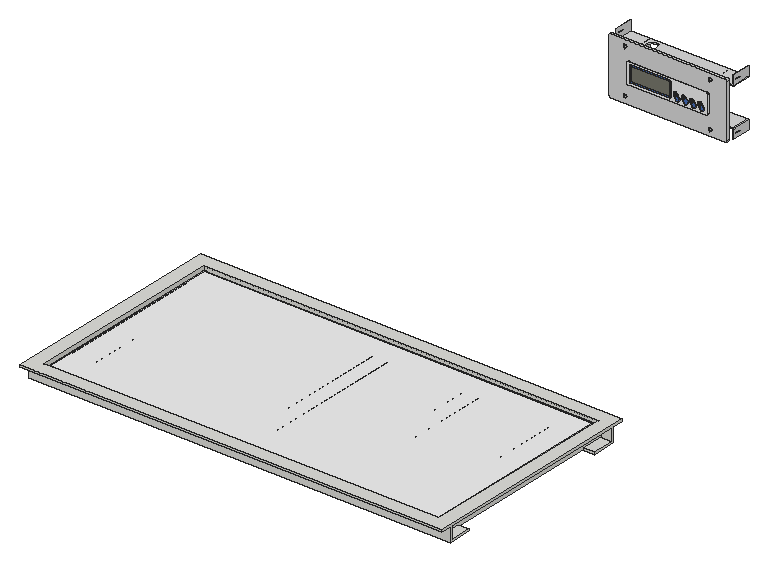
Revit family "Scale-SR_Scales-SRV947IFS", category Specialty Equipment, Revit 2020
Family settings
  Round Connector Dimension = Use Diameter
  Part Type = Normal
  OmniClass Number = 23.40.70.11.14.11
  OmniClass Title = Medical Equipment
  Work Plane-Based = No
  Always vertical = Yes
  Cut with Voids When Loaded = No
  Shared = No
  Room Calculation Point = No
Parameters (values of type "SRV947IFS")
  Zero = "One Button Operation Auto Zero"  # constant formula
  Wall Display Location to Center From Left [instance] = 48"
  Wall Display Height to Center (for IFS) [instance] = 30"
  URL = "http://www.srinstruments.com/"
  Show Recessed Pit Frame = yes
  Show Flush Mounted Wall Display = yes
  Product Brochure Link = "https://srinstruments.com/r/brochures/SRV947IFS.pdf"
  Product Page URL = "https://srinstruments.com/scales/SRV947IFS"
  Power Supply = "Six (6) AA 1.5 Volt Alkaline Batteries"  # constant formula
  Platform Width = 48"
  Platform Size = "\"24'' x 48'' x 2\" (61 cm x 122 cm x 5 cm)\""
  Platform Height Position = if(Show Recessed Pit Frame, 0", 2")  # 0"
  Platform Depth = 24"
  Model = "SRV947IFS"
  Maximum Weight Capacity = "400 lbs or 182 kg"  # constant formula
  Manufacturer Phone Number = "1.800.654.6360"  # constant formula
  Manufacturer Email Contact = "mailto:info-request@srinstruments.com?Subject=Revit Inquiry"
  Manufacturer Address 1 = "600 Young Street"  # constant formula
  Manufacturer Address  2 = "Tonawanda, NY 14150"  # constant formula
  Manufacturer = "SR Scales by SR Instruments, Inc."
  Frame Distance to Wall (For IFS) [instance] = 12"
  Display Type = "1.0'' LCD Display with 5 Active Digits"
  Display Resolution = "0.2 lb / 0.1 kg"  # constant formula
  Description = "24\" x 48\" Portable (or Fixed) Platform Scale with Flush Wall Mounted Display"
  Default Elevation = 0"
  Creator URL = "http://www.revituspro.com/"
  Created By = "Revitus"  # constant formula
  Copyright Notice = "© SR Instruments, Inc.  All Rights Reserved."  # constant formula
  Calibration = "Traceable to NIST Standards"  # constant formula
  BIM Version Available (Earliest) = "2017"  # constant formula
  BIM Version = "v3.1"  # constant formula
  Averaging = "Automatic Digital Filter"  # constant formula
  Auto Power Down = "Approximately 120 Seconds"  # constant formula
  Assembly Code = "E1020810"
  Accuracy = "0.2% +/- 2 Digits of Displayed Resolution"  # constant formula
Reference planes (in)
  plane 1 "Center (Front/Back)": y = 0
  plane 2: z = 0
  plane 3 "Center (Left/Right)": x = 0
  plane 4 "Platform - Left": x = -24
  plane 5 "Platform - Right": x = 24
  plane 6 "Platform - Front": y = -12
  plane 7 "Platform - Back": y = 12
  plane 8 "Frame - Left": x = -25.875
  plane 9 "Frame - Right": x = 25.875
  plane 10 "Frame - Front": y = -13.875
  plane 11 "Frame - Bottom": z = -2
  plane 12 "Platform Pit Frame - Top": z = 0
  plane 13 "Frame Front Rail - Back": y = -9.625
  plane 14: y = -12.25
  plane 15: z = -1.75
  plane 16: y = -12.5
  plane 17 "Frame - Back": y = 13.875
  plane 18: y = 9.625
  plane 19: y = 12.25
  plane 20: y = 12.5
  plane 21 "Platform - Bottom - Recessed": z = -1.25
  plane 22: x = -24.5
  plane 23: x = -24.25
  plane 24: x = -22.625
  plane 25: x = 24.5
  plane 26: x = 24.25
  plane 27: x = 22.625
  plane 28: x = -1
  plane 29: x = 1
  plane 30: x = -12.1875
  plane 31: x = -10.1875
  plane 32: x = 12.1875
  plane 33: x = 10.1875
  plane 34 "Platform - Top - Recessed": z = -0.25
  plane 35: x = -12.0625
  plane 36: x = -10.3125
  plane 37: z = -1.125
  plane 38: x = -0.875
  plane 39: x = 0.875
  plane 40: x = 10.3125
  plane 41: x = 12.0625
  plane 42: x = -20.875
  plane 43: x = -23.875
  plane 44: x = -23.75
  plane 45: x = -21
  plane 46: x = 20.875
  plane 47: x = 23.875
  plane 48: x = 23.75
  plane 49: x = 21
  plane 50: y = -8.875
  plane 51: y = 8.875
  plane 52: y = -9
  plane 53: y = -11.875
  plane 54: y = -11.75
  plane 55: y = 9
  plane 56: y = 11.875
  plane 57: y = 11.75
  plane 58: x = -11.1875
  plane 59: x = 11.1875
  plane 60 "Left Foot Centerline (Left/Right)": x = -22.375
  plane 61 "Right Foot Centerline (Left/Right)": x = 22.375
  plane 62 "Display - Front": y = -5
  plane 63 "Display - Left": x = 21.125
  plane 64 "Display - Right": x = 23.625
  plane 65 "Display - Back": y = 5
  plane 66 "Wall Display Center (Elevation)": z = 30
  plane 67 "Platform - Top": z = -0.25
  plane 68 "Platform - Bottom": z = -1.25
  plane 69: z = -0.375
  plane 70 "Wall Display Center (Left/Right)": x = 22.125
  plane 71 "Back Feet Centerline (Front/Back)": y = 10.375
  plane 72 "Front Feet Centerline (Front/Back)": y = -10.375
  plane 73 "Foot - Bottom": z = -1.75
Forms (in)
  Extrusion 1, solid, material "SR Scales - Frame", visible <- "Show Recessed Pit Frame", detail levels medium+fine
    sketch origin (0, 0, 1.75) x (1, 0, 0) y (0, 0, 1)
      loop
        line (-25.875, -1.75) -> (-25.875, -2) -> (-24.5, -2) -> (-24.5, -3.75) -> (-22.625, -3.75) -> (-22.625, -3.5) -> (-24.25, -3.5) -> (-24.25, -1.75) -> (-25.875, -1.75)
    from -12.25 to 12.25
  Extrusion 2, solid, material "SR Scales - Frame", visible <- "Show Recessed Pit Frame", detail levels medium+fine
    sketch origin (0, 0, 1.75) x (0, 1, 0) y (0, 0, 1)
      loop
        line (-13.875, -2) -> (-12.5, -2) -> (-12.5, -3.75) -> (-9.625, -3.75) -> (-9.625, -3.5) -> (-12.25, -3.5) -> (-12.25, -1.75) -> (-13.875, -1.75) -> (-13.875, -2)
    from -25.875 to 25.875
  Extrusion 3, solid, material "SR Scales - Frame", visible <- "Show Recessed Pit Frame", detail levels medium+fine
    sketch origin (0, -44, 1.75) x (0, -1, 0) y (0, 0, -1)
      loop
        line (-57.875, 2) -> (-57.875, 1.75) -> (-56.25, 1.75) -> (-56.25, 3.5) -> (-53.625, 3.5) -> (-53.625, 3.75) -> (-56.5, 3.75) -> (-56.5, 2) -> (-57.875, 2)
    from -25.875 to 25.875
  Extrusion 4, solid, material "SR Scales - Frame", visible <- "Show Recessed Pit Frame", detail levels medium+fine
    sketch origin (0, 0, 1.75) x (-1, 0, 0) y (0, 0, -1)
      loop
        line (-25.875, 1.75) -> (-24.25, 1.75) -> (-24.25, 3.5) -> (-22.625, 3.5) -> (-22.625, 3.75) -> (-24.5, 3.75) -> (-24.5, 2) -> (-25.875, 2) -> (-25.875, 1.75)
    from -12.25 to 12.25
  Extrusion 5, solid, material "SR Scales - Platform", visible <- "Show Recessed Pit Frame", detail levels coarse
    sketch origin (0, 0, 0) x (1, 0, 0) y (0, 1, 0)
      loop
        line (-25.875, 13.875) -> (-25.875, -13.875) -> (25.875, -13.875) -> (25.875, 13.875) -> (-25.875, 13.875)
    from -2 to 0
  Extrusion 6, solid, material "SR Scales - Platform", detail levels coarse
    sketch origin (0, 0, 2) x (1, 0, 0) y (0, 0, 1)
      loop
        line (-24, -2.25) -> (-24, -3.25) -> (24, -3.25) -> (24, -2.25) -> (-24, -2.25)
    from -12 to 12
  Extrusion 7, solid, material "SR Scales - Frame", detail levels medium+fine
    sketch origin (0, 0, 0) x (1, 0, 0) y (0, 0, 1)
      loop
        line (-12.1875, -0.375) -> (-12.1875, -1.25) -> (-10.1875, -1.25) -> (-10.1875, -0.375) -> (-10.3125, -0.375) -> (-10.3125, -1.125) -> (-12.0625, -1.125) -> (-12.0625, -0.375) -> (-12.1875, -0.375)
      loop
        line (10.1875, -0.375) -> (10.1875, -1.25) -> (12.1875, -1.25) -> (12.1875, -0.375) -> (12.0625, -0.375) -> (12.0625, -1.125) -> (10.3125, -1.125) -> (10.3125, -0.375) -> (10.1875, -0.375)
      loop
        line (-1, -0.375) -> (-1, -1.25) -> (1, -1.25) -> (1, -0.375) -> (0.875, -0.375) -> (0.875, -1.125) -> (-0.875, -1.125) -> (-0.875, -0.375) -> (-1, -0.375)
      loop
        line (-23.875, -1.25) -> (-20.875, -1.25) -> (-20.875, -0.375) -> (-21, -0.375) -> (-21, -1.125) -> (-23.75, -1.125) -> (-23.75, -0.375) -> (-23.875, -0.375) -> (-23.875, -1.25)
      loop
        line (20.875, -0.375) -> (20.875, -1.25) -> (23.875, -1.25) -> (23.875, -0.375) -> (23.75, -0.375) -> (23.75, -1.125) -> (21, -1.125) -> (21, -0.375) -> (20.875, -0.375)
    from -8.875 to 8.875
  Extrusion 8, solid, material "SR Scales - Frame", detail levels medium+fine
    sketch origin (0, 0, 0) x (0, 1, 0) y (0, 0, 1)
      loop
        line (-11.875, -0.375) -> (-11.875, -1.25) -> (-8.875, -1.25) -> (-8.875, -0.375) -> (-9, -0.375) -> (-9, -1.125) -> (-11.75, -1.125) -> (-11.75, -0.375) -> (-11.875, -0.375)
      loop
        line (8.875, -1.25) -> (11.875, -1.25) -> (11.875, -0.375) -> (11.75, -0.375) -> (11.75, -1.125) -> (9, -1.125) -> (9, -0.375) -> (8.875, -0.375) -> (8.875, -1.25)
    from -23.875 to 23.875
  Extrusion 9, solid, material "SR Scales - Platform", detail levels medium+fine
    sketch origin (0, 0, 8) x (1, 0, 0) y (0, 0, 1)
      loop
        line (-23.875, -8.375) -> (23.875, -8.375) -> (23.875, -8.25) -> (-23.875, -8.25) -> (-23.875, -8.375)
    from -11.875 to 11.875
  Sweep 10, solid, material "SR Scales - Platform", detail levels medium+fine
    path origin (0, 0, 0) x (1, 0, 0) y (0, 1, 0)
      loop
        line (-24, 12) -> (-24, -12) -> (24, -12) -> (24, 12) -> (-24, 12)
    profile origin (-24, 0, 0) x (1, 0, 0) y (0, 0, 1)
      loop
        line (0, -0.375) -> (0, -1.25) -> (0.125, -1.25) -> (0.125, -0.25)
        arc (0.125, -0.25) -> (0.03661, -0.28661) -> (0, -0.375) r 0.125
  Revolve 11, solid, material "SR Scales - Foot", detail levels medium+fine
    sketch origin (22.375, 10.375, 0) x (-1, 0, 0) y (0, 0, 1)
      loop
        line (22.75, -1.75) -> (22.9375, -1.65547) -> (22.875, -1.4375) -> (22.78125, -1.4375) -> (22.78125, -1.40625)
        arc (22.78125, -1.40625) -> (22.76294, -1.36206) -> (22.71875, -1.34375) r 0.0625
        line (22.71875, -1.34375) -> (22.5, -1.34375) -> (22.5, -1.09375) -> (22.6875, -1.09375) -> (22.6875, -0.96875) -> (22.5, -0.96875) -> (22.5, -0.84375) -> (22.375, -0.84375) -> (22.375, -1.75) -> (22.75, -1.75)
      axis (22.375, -0.84375) -> (22.375, -1.75)
    angle from 0 to 360
  Revolve 12, solid, material "SR Scales - Foot", detail levels medium+fine
    sketch origin (-22.375, -10.375, 0) x (-1, 0, 0) y (0, 0, 1)
      loop
        line (-22, -1.75) -> (-21.8125, -1.65547) -> (-21.875, -1.4375) -> (-21.96875, -1.4375) -> (-21.96875, -1.40625)
        arc (-21.96875, -1.40625) -> (-21.98706, -1.36206) -> (-22.03125, -1.34375) r 0.0625
        line (-22.03125, -1.34375) -> (-22.25, -1.34375) -> (-22.25, -1.09375) -> (-22.0625, -1.09375) -> (-22.0625, -0.96875) -> (-22.25, -0.96875) -> (-22.25, -0.84375) -> (-22.375, -0.84375) -> (-22.375, -1.75) -> (-22, -1.75)
      axis (-22.375, -0.84375) -> (-22.375, -1.75)
    angle from 0 to 360
  Revolve 13, solid, material "SR Scales - Foot", detail levels medium+fine
    sketch origin (0, 10.375, 0) x (-1, 0, 0) y (0, 0, 1)
      loop
        line (22.75, -1.75) -> (22.9375, -1.65547) -> (22.875, -1.4375) -> (22.78125, -1.4375) -> (22.78125, -1.40625)
        arc (22.78125, -1.40625) -> (22.76294, -1.36206) -> (22.71875, -1.34375) r 0.0625
        line (22.71875, -1.34375) -> (22.5, -1.34375) -> (22.5, -1.09375) -> (22.6875, -1.09375) -> (22.6875, -0.96875) -> (22.5, -0.96875) -> (22.5, -0.84375) -> (22.375, -0.84375) -> (22.375, -1.75) -> (22.75, -1.75)
      axis (22.375, -0.84375) -> (22.375, -1.75)
    angle from 0 to 360
  Revolve 14, solid, material "SR Scales - Foot", detail levels medium+fine
    sketch origin (-44.75, -10.375, 0) x (-1, 0, 0) y (0, 0, 1)
      loop
        line (-22, -1.75) -> (-21.8125, -1.65547) -> (-21.875, -1.4375) -> (-21.96875, -1.4375) -> (-21.96875, -1.40625)
        arc (-21.96875, -1.40625) -> (-21.98706, -1.36206) -> (-22.03125, -1.34375) r 0.0625
        line (-22.03125, -1.34375) -> (-22.25, -1.34375) -> (-22.25, -1.09375) -> (-22.0625, -1.09375) -> (-22.0625, -0.96875) -> (-22.25, -0.96875) -> (-22.25, -0.84375) -> (-22.375, -0.84375) -> (-22.375, -1.75) -> (-22, -1.75)
      axis (-22.375, -0.84375) -> (-22.375, -1.75)
    angle from 0 to 360
  Revolve 15, solid, material "SR Scales - Foot", detail levels medium+fine
    sketch origin (59.75, 10.375, 0) x (-1, 0, 0) y (0, 0, 1)
      loop
        line (37.75, -1.75) -> (37.9375, -1.65547) -> (37.875, -1.4375) -> (37.78125, -1.4375) -> (37.78125, -1.40625)
        arc (37.78125, -1.40625) -> (37.76294, -1.36206) -> (37.71875, -1.34375) r 0.0625
        line (37.71875, -1.34375) -> (37.5, -1.34375) -> (37.5, -1.09375) -> (37.6875, -1.09375) -> (37.6875, -0.96875) -> (37.5, -0.96875) -> (37.5, -0.84375) -> (37.375, -0.84375) -> (37.375, -1.75) -> (37.75, -1.75)
      axis (37.375, -0.84375) -> (37.375, -1.75)
    angle from 0 to 360
  Revolve 16, solid, material "SR Scales - Foot", detail levels medium+fine
    sketch origin (15, -10.375, 0) x (-1, 0, 0) y (0, 0, 1)
      loop
        line (-7, -1.75) -> (-6.8125, -1.65547) -> (-6.875, -1.4375) -> (-6.96875, -1.4375) -> (-6.96875, -1.40625)
        arc (-6.96875, -1.40625) -> (-6.98706, -1.36206) -> (-7.03125, -1.34375) r 0.0625
        line (-7.03125, -1.34375) -> (-7.25, -1.34375) -> (-7.25, -1.09375) -> (-7.0625, -1.09375) -> (-7.0625, -0.96875) -> (-7.25, -0.96875) -> (-7.25, -0.84375) -> (-7.375, -0.84375) -> (-7.375, -1.75) -> (-7, -1.75)
      axis (-7.375, -0.84375) -> (-7.375, -1.75)
    angle from 0 to 360
Cuts and joins
  joined: Extrusion 1, Extrusion 2, Extrusion 3, Extrusion 4
Lines and regions (in)
  model lines, style "Scale - Platform", detail levels coarse
    curve 1: line (-24, 12, -0.25) -> (-24, -12, -0.25)
    curve 2: line (-24, 12, -0.25) -> (24, 12, -0.25)
    curve 3: line (-24, -12, -0.25) -> (24, -12, -0.25)
    curve 4: line (24, 12, -0.25) -> (24, -12, -0.25)
  reference lines
    curve 5: line (25.875, 25.875, 0) -> (-25.875, 25.875, 0)
Dimensions and locks (in)
  equal spacing: plane 4 "Platform - Left", plane 3 "Center (Left/Right)", plane 5 "Platform - Right"
  "Platform Width": plane 4 "Platform - Left" to plane 5 "Platform - Right"
  "Platform Depth": plane 6 "Platform - Front" to plane 7 "Platform - Back"
  plane 24 to plane 4 "Platform - Left" to plane 23 to plane 8 "Frame - Left" = 1 3/8" locked, 1/4" locked, 1 5/8" locked
  plane 10 "Frame - Front" to plane 14 to plane 6 "Platform - Front" to plane 13 "Frame Front Rail - Back" = 1 5/8" locked, 1/4" locked, 2 3/8" locked
  locked: plane 12 "Platform Pit Frame - Top" to plane 11 "Frame - Bottom" at 2
  locked: plane 15 to plane 11 "Frame - Bottom" at 0.25
  locked: plane 16 to plane 14 at 0.25
  plane 17 "Frame - Back" to plane 19 to plane 7 "Platform - Back" to plane 18 = 1 5/8", 1/4", 2 3/8" locked
  locked: plane 20 to plane 19 at 0.25
  plane 4 "Platform - Left" to plane 23 to plane 22 = 1/4", 1/4"
  plane 27 to plane 5 "Platform - Right" to plane 26 to plane 9 "Frame - Right" = 1 3/8" locked, 1/4" locked, 1 5/8" locked
  locked: plane 26 to plane 25 at 0.25
  plane 29 to plane 3 "Center (Left/Right)" to plane 28 = 1" locked, 1" locked
  plane 31 to plane 58 to plane 30 = 1" locked, 1" locked
  plane 33 to plane 59 to plane 32 = 1" locked, 1" locked
  locked: plane 12 "Platform Pit Frame - Top" to plane 34 "Platform - Top - Recessed" at 0.25
  locked: plane 37 to plane 68 "Platform - Bottom" at 0.125
  locked: plane 35 to plane 30 at 0.125
  locked: plane 36 to plane 31 at 0.125
  locked: plane 38 to plane 28 at 0.125
  locked: plane 39 to plane 29 at 0.125
  locked: plane 40 to plane 33 at 0.125
  locked: plane 41 to plane 32 at 0.125
  locked: plane 42 to plane 8 "Frame - Left" at 5
  locked: plane 4 "Platform - Left" to plane 43 at 0.125
  locked: plane 42 to plane 45 at 0.125
  locked: plane 44 to plane 43 at 0.125
  locked: plane 46 to plane 49 at 0.125
  locked: plane 48 to plane 47 at 0.125
  locked: plane 46 to plane 9 "Frame - Right" at 5
  locked: plane 10 "Frame - Front" to plane 50 at 5
  locked: plane 51 to plane 17 "Frame - Back" at 5
  locked: plane 52 to plane 50 at 0.125
  plane 6 "Platform - Front" to plane 53 to plane 54 = 1/8" locked, 1/8" locked
  plane 7 "Platform - Back" to plane 56 to plane 57 = 1/8" locked, 1/8" locked
  locked: plane 51 to plane 55 at 0.125
  equal spacing: plane 7 "Platform - Back", plane 1 "Center (Front/Back)", plane 6 "Platform - Front"
  locked: plane 60 "Left Foot Centerline (Left/Right)" to plane 43 at 1.5
  plane 61 "Right Foot Centerline (Left/Right)" to plane 47 to plane 5 "Platform - Right" = 1 1/2" locked, 1/8" locked
  plane 62 "Display - Front" to plane 1 "Center (Front/Back)" to plane 65 "Display - Back" = 5" locked, 5" locked
  plane 63 "Display - Left" to plane 64 "Display - Right" to plane 47 = 2 1/2" locked, 1/4" locked
  equal spacing: plane 58, plane 3 "Center (Left/Right)", plane 59, plane 61 "Right Foot Centerline (Left/Right)"
  "Frame Distance to Wall (For IFS)": curve 5 to plane 17 "Frame - Back"
  "Wall Display Height to Center (for IFS)": plane 66 "Wall Display Center (Elevation)" to level
  "Platform Height Position": plane 67 "Platform - Top" to plane 34 "Platform - Top - Recessed"
  locked: plane 67 "Platform - Top" to plane 68 "Platform - Bottom" at 1
  locked: plane 67 "Platform - Top" to plane 69 at 0.125
  "Wall Display Location to Center From Left": plane 70 "Wall Display Center (Left/Right)" to plane 8 "Frame - Left"
  equal spacing: plane 56, plane 71 "Back Feet Centerline (Front/Back)", plane 51
  equal spacing: plane 53, plane 72 "Front Feet Centerline (Front/Back)", plane 50
  locked: plane 67 "Platform - Top" to plane 73 "Foot - Bottom" at 1.5
  aligned and locked: level to plane 2
  aligned and locked: Extrusion 2 to plane 9 "Frame - Right"
  aligned and locked: Extrusion 2 to plane 8 "Frame - Left"
  aligned and locked: Extrusion 2 sketch curve to plane 10 "Frame - Front"
  aligned and locked: Extrusion 2 sketch curve to plane 12 "Platform Pit Frame - Top"
  aligned and locked: Extrusion 2 sketch curve to plane 16
  aligned and locked: Extrusion 2 sketch curve to plane 14
  aligned and locked: Extrusion 2 sketch curve to plane 15
  aligned and locked: Extrusion 2 sketch curve to plane 11 "Frame - Bottom"
  aligned and locked: plane 13 "Frame Front Rail - Back" to Extrusion 2 sketch curve
  aligned and locked: plane 17 "Frame - Back" to Extrusion 3 sketch curve
  aligned and locked: Extrusion 3 sketch curve to plane 20
  aligned and locked: Extrusion 3 sketch curve to plane 19
  aligned and locked: plane 18 to Extrusion 3 sketch curve
  aligned and locked: Extrusion 3 to plane 8 "Frame - Left"
  aligned and locked: Extrusion 3 to plane 9 "Frame - Right"
  aligned and locked: Extrusion 1 sketch curve to plane 8 "Frame - Left"
  aligned and locked: Extrusion 1 sketch curve to plane 12 "Platform Pit Frame - Top"
  aligned and locked: Extrusion 1 sketch curve to plane 15
  aligned and locked: Extrusion 1 sketch curve to plane 11 "Frame - Bottom"
  aligned and locked: Extrusion 1 sketch curve to plane 23
  aligned and locked: Extrusion 1 sketch curve to plane 22
  aligned and locked: Extrusion 1 sketch curve to plane 24
  aligned and locked: plane 14 to Extrusion 1
  aligned and locked: plane 19 to Extrusion 1
  aligned and locked: plane 26 to Extrusion 4 sketch curve
  aligned and locked: plane 25 to Extrusion 4 sketch curve
  aligned and locked: plane 27 to Extrusion 4 sketch curve
  aligned and locked: plane 19 to Extrusion 4
  aligned and locked: plane 14 to Extrusion 4
  aligned and locked: plane 9 "Frame - Right" to Extrusion 4 sketch curve
  aligned and locked: plane 12 "Platform Pit Frame - Top" to Extrusion 4 sketch curve
  aligned and locked: plane 11 "Frame - Bottom" to Extrusion 4 sketch curve
  aligned and locked: plane 15 to Extrusion 4 sketch curve
  aligned and locked: Extrusion 5 sketch curve to plane 8 "Frame - Left"
  aligned and locked: plane 17 "Frame - Back" to Extrusion 5 sketch curve
  aligned and locked: plane 9 "Frame - Right" to Extrusion 5 sketch curve
  aligned and locked: Extrusion 5 sketch curve to plane 10 "Frame - Front"
  aligned and locked: curve 1 to plane 4 "Platform - Left"
  aligned and locked: curve 2 to plane 7 "Platform - Back"
  aligned and locked: curve 3 to plane 6 "Platform - Front"
  aligned and locked: plane 5 "Platform - Right" to curve 4
  aligned and locked: plane 34 "Platform - Top - Recessed" to Extrusion 3 sketch curve
  aligned and locked: Extrusion 2 sketch curve to plane 34 "Platform - Top - Recessed"
  aligned and locked: Extrusion 1 sketch curve to plane 34 "Platform - Top - Recessed"
  aligned and locked: plane 34 "Platform - Top - Recessed" to Extrusion 4 sketch curve
  aligned and locked: Extrusion 6 sketch curve to plane 4 "Platform - Left"
  aligned and locked: plane 5 "Platform - Right" to Extrusion 6 sketch curve
  aligned and locked: Extrusion 6 to plane 6 "Platform - Front"
  aligned and locked: plane 7 "Platform - Back" to Extrusion 6
  aligned and locked: Extrusion 7 sketch curve to plane 37  (x3)
  aligned and locked: Extrusion 7 sketch curve to plane 33
  aligned and locked: plane 40 to Extrusion 7 sketch curve
  aligned and locked: plane 41 to Extrusion 7 sketch curve
  aligned and locked: plane 32 to Extrusion 7 sketch curve
  aligned and locked: Extrusion 7 sketch curve to plane 28
  aligned and locked: plane 38 to Extrusion 7 sketch curve
  aligned and locked: plane 29 to Extrusion 7 sketch curve
  aligned and locked: plane 39 to Extrusion 7 sketch curve
  aligned and locked: Extrusion 7 sketch curve to plane 30
  aligned and locked: plane 35 to Extrusion 7 sketch curve
  aligned and locked: plane 36 to Extrusion 7 sketch curve
  aligned and locked: plane 31 to Extrusion 7 sketch curve
  aligned and locked: Extrusion 7 sketch curve to plane 43
  aligned and locked: Extrusion 7 sketch curve to plane 44
  aligned and locked: Extrusion 7 sketch curve to plane 45
  aligned and locked: Extrusion 7 sketch curve to plane 42
  aligned and locked: plane 47 to Extrusion 7 sketch curve
  aligned and locked: plane 48 to Extrusion 7 sketch curve
  aligned and locked: plane 49 to Extrusion 7 sketch curve
  aligned and locked: plane 46 to Extrusion 7 sketch curve
  aligned and locked: Extrusion 8 sketch curve to plane 37
  aligned and locked: Extrusion 8 sketch curve to plane 53
  aligned and locked: Extrusion 8 sketch curve to plane 54
  aligned and locked: Extrusion 8 sketch curve to plane 52
  aligned and locked: Extrusion 8 sketch curve to plane 50
  aligned and locked: plane 51 to Extrusion 8 sketch curve
  aligned and locked: Extrusion 8 sketch curve to plane 55
  aligned and locked: Extrusion 8 sketch curve to plane 56
  aligned and locked: Extrusion 8 sketch curve to plane 57
  aligned and locked: plane 51 to Extrusion 7
  aligned and locked: plane 50 to Extrusion 7
  aligned and locked: Extrusion 8 to plane 47
  aligned and locked: Extrusion 8 to plane 43
  aligned and locked: plane 47 to Extrusion 9 sketch curve
  aligned and locked: Extrusion 9 sketch curve to plane 43
  aligned and locked: Sweep 10 sketch curve to plane 4 "Platform - Left"
  aligned and locked: Sweep 10 sketch curve to plane 43
  aligned and locked: plane 56 to Extrusion 9
  aligned and locked: plane 53 to Extrusion 9
  aligned and locked: plane 8 "Frame - Left" to curve 5
  aligned and locked: curve 5 to plane 9 "Frame - Right"
  aligned and locked: nested 1 to curve 5
  aligned and locked: nested 1 to plane 66 "Wall Display Center (Elevation)"
  aligned and locked: plane 15 to Extrusion 3 sketch curve
  aligned and locked: plane 11 "Frame - Bottom" to Extrusion 3 sketch curve
  aligned and locked: plane 12 "Platform Pit Frame - Top" to Extrusion 5
  aligned and locked: Extrusion 5 to plane 11 "Frame - Bottom"
  aligned and locked: Extrusion 6 sketch curve to plane 68 "Platform - Bottom"
  aligned and locked: Sweep 10 sketch curve to plane 68 "Platform - Bottom"
  aligned and locked: plane 67 "Platform - Top" to Sweep 10 sketch curve
  aligned and locked: Extrusion 9 sketch curve to plane 69
  aligned and locked: Extrusion 9 sketch curve to plane 67 "Platform - Top"
  aligned and locked: Extrusion 6 sketch curve to plane 67 "Platform - Top"
  aligned and locked: plane 70 "Wall Display Center (Left/Right)" to nested 1
  aligned and locked: Extrusion 7 sketch curve to plane 69  (x10)
  aligned and locked: Extrusion 8 sketch curve to plane 69  (x4)
  aligned and locked: Extrusion 8 sketch curve to plane 68 "Platform - Bottom"  (x2)
  aligned and locked: Extrusion 7 sketch curve to plane 68 "Platform - Bottom"  (x5)
  aligned and locked: Revolve 12 sketch curve to plane 3 "Center (Left/Right)"
  aligned and locked: Revolve 11 sketch curve to plane 3 "Center (Left/Right)"
  aligned and locked: plane 61 "Right Foot Centerline (Left/Right)" to Revolve 16 sketch curve
  aligned and locked: plane 61 "Right Foot Centerline (Left/Right)" to Revolve 15 sketch curve
Automatic sketch dimensions
  level to Extrusion 3 sketch curve = 0"
  Extrusion 7 sketch curve to plane 37 = 0"  (x2)
  plane 37 to Extrusion 8 sketch curve = 0"
  Sweep 10 sketch curve to plane 4 "Platform - Left" = 0"
  Sweep 10 sketch curve to plane 5 "Platform - Right" = 0"
  Sweep 10 sketch curve to plane 6 "Platform - Front" = 0"
  Sweep 10 sketch curve to plane 7 "Platform - Back" = 0"
  Revolve 11 sketch curve to plane 3 "Center (Left/Right)" = 0"
  Revolve 11 sketch curve to plane 73 "Foot - Bottom" = 0"
  Revolve 11 sketch curve to plane 3 "Center (Left/Right)" = 1/8"  (x2)
  plane 37 to Revolve 11 sketch curve = 1/32"
  Revolve 11 sketch curve to Revolve 11 sketch curve = 3/16"  (x2)
  Revolve 11 sketch curve to plane 68 "Platform - Bottom" = 3/32"
  Revolve 11 sketch curve to Revolve 11 sketch curve = 7/32"
  Revolve 11 sketch curve to Revolve 11 sketch curve = 1/32"  (x2)
  Revolve 11 sketch curve to Revolve 11 sketch curve = 1/16"
  Revolve 11 sketch curve to Revolve 11 sketch curve = 3/32"
  plane 73 "Foot - Bottom" to Revolve 11 sketch curve = 0.09453"
  Revolve 11 sketch curve to plane 11 "Frame - Bottom" = 1.34479"
  Revolve 11 sketch curve to Revolve 11 sketch curve = 1/8"  (x2)
  plane 67 "Platform - Top" to Revolve 11 sketch curve = 2.12312"
  Revolve 12 sketch curve to plane 3 "Center (Left/Right)" = 0"
  Revolve 12 sketch curve to plane 73 "Foot - Bottom" = 0"
  plane 3 "Center (Left/Right)" to Revolve 12 sketch curve = 1/8"  (x2)
  Revolve 12 sketch curve to plane 37 = 1/32"
  Revolve 12 sketch curve to Revolve 12 sketch curve = 3/16"  (x2)
  plane 68 "Platform - Bottom" to Revolve 12 sketch curve = 3/32"
  Revolve 12 sketch curve to Revolve 12 sketch curve = 7/32"
  Revolve 12 sketch curve to Revolve 12 sketch curve = 1/32"  (x2)
  Revolve 12 sketch curve to Revolve 12 sketch curve = 1/16"
  Revolve 12 sketch curve to Revolve 12 sketch curve = 3/32"
  Revolve 12 sketch curve to plane 73 "Foot - Bottom" = 0.09453"
  plane 11 "Frame - Bottom" to Revolve 12 sketch curve = 1.34479"
  Revolve 12 sketch curve to Revolve 12 sketch curve = 1/8"  (x2)
  Revolve 12 sketch curve to plane 67 "Platform - Top" = 2.12312"
  plane 60 "Left Foot Centerline (Left/Right)" to Revolve 13 sketch curve = 0"  (x2)
  Revolve 13 sketch curve to plane 73 "Foot - Bottom" = 0"
  plane 24 to Revolve 13 sketch curve = 1/8"  (x2)
  Revolve 13 sketch curve to plane 24 = 1/16"
  Revolve 13 sketch curve to plane 24 = 3/32"
  Revolve 13 sketch curve to plane 24 = 1/8"
  Revolve 13 sketch curve to Revolve 13 sketch curve = 1/16"
  Revolve 13 sketch curve to Revolve 13 sketch curve = 3/32"
  plane 73 "Foot - Bottom" to Revolve 13 sketch curve = 0.09453"
  Revolve 13 sketch curve to Revolve 13 sketch curve = 3/16"
  Revolve 13 sketch curve to plane 11 "Frame - Bottom" = 1.34479"
  Revolve 13 sketch curve to plane 68 "Platform - Bottom" = 3/16"
  Revolve 13 sketch curve to Revolve 13 sketch curve = 1/32"
  plane 37 to Revolve 13 sketch curve = 1/32"
  Revolve 13 sketch curve to Revolve 13 sketch curve = 1/8"  (x2)
  plane 67 "Platform - Top" to Revolve 13 sketch curve = 2.12312"
  Revolve 14 sketch curve to plane 60 "Left Foot Centerline (Left/Right)" = 0"  (x2)
  Revolve 14 sketch curve to plane 73 "Foot - Bottom" = 0"
  Revolve 14 sketch curve to plane 24 = 1/8"  (x2)
  plane 24 to Revolve 14 sketch curve = 1/16"
  plane 24 to Revolve 14 sketch curve = 3/32"
  plane 24 to Revolve 14 sketch curve = 1/8"
  Revolve 14 sketch curve to Revolve 14 sketch curve = 1/16"
  Revolve 14 sketch curve to Revolve 14 sketch curve = 3/32"
  Revolve 14 sketch curve to plane 73 "Foot - Bottom" = 0.09453"
  Revolve 14 sketch curve to Revolve 14 sketch curve = 3/16"
  plane 11 "Frame - Bottom" to Revolve 14 sketch curve = 1.34479"
  plane 68 "Platform - Bottom" to Revolve 14 sketch curve = 3/16"
  Revolve 14 sketch curve to Revolve 14 sketch curve = 1/32"
  Revolve 14 sketch curve to plane 37 = 1/32"
  Revolve 14 sketch curve to Revolve 14 sketch curve = 1/8"  (x2)
  Revolve 14 sketch curve to plane 67 "Platform - Top" = 2.12312"
  plane 61 "Right Foot Centerline (Left/Right)" to Revolve 15 sketch curve = 0"
  Revolve 15 sketch curve to plane 73 "Foot - Bottom" = 0"
  plane 61 "Right Foot Centerline (Left/Right)" to Revolve 15 sketch curve = 1/8"  (x2)
  plane 37 to Revolve 15 sketch curve = 1/32"
  Revolve 15 sketch curve to Revolve 15 sketch curve = 3/16"  (x2)
  Revolve 15 sketch curve to plane 68 "Platform - Bottom" = 3/32"
  Revolve 15 sketch curve to Revolve 15 sketch curve = 7/32"
  Revolve 15 sketch curve to Revolve 15 sketch curve = 1/32"  (x2)
  Revolve 15 sketch curve to Revolve 15 sketch curve = 1/16"
  Revolve 15 sketch curve to Revolve 15 sketch curve = 3/32"
  plane 73 "Foot - Bottom" to Revolve 15 sketch curve = 0.09453"
  Revolve 15 sketch curve to plane 11 "Frame - Bottom" = 1.34479"
  Revolve 15 sketch curve to Revolve 15 sketch curve = 1/8"  (x2)
  plane 67 "Platform - Top" to Revolve 15 sketch curve = 2.12312"
  Revolve 16 sketch curve to plane 61 "Right Foot Centerline (Left/Right)" = 0"
  Revolve 16 sketch curve to plane 73 "Foot - Bottom" = 0"
  Revolve 16 sketch curve to plane 61 "Right Foot Centerline (Left/Right)" = 1/8"  (x2)
  Revolve 16 sketch curve to plane 37 = 1/32"
  Revolve 16 sketch curve to Revolve 16 sketch curve = 3/16"  (x2)
  plane 68 "Platform - Bottom" to Revolve 16 sketch curve = 3/32"
  Revolve 16 sketch curve to Revolve 16 sketch curve = 7/32"
  Revolve 16 sketch curve to Revolve 16 sketch curve = 1/32"  (x2)
  Revolve 16 sketch curve to Revolve 16 sketch curve = 1/16"
  Revolve 16 sketch curve to Revolve 16 sketch curve = 3/32"
  Revolve 16 sketch curve to plane 73 "Foot - Bottom" = 0.09453"
  plane 11 "Frame - Bottom" to Revolve 16 sketch curve = 1.34479"
  Revolve 16 sketch curve to Revolve 16 sketch curve = 1/8"  (x2)
  Revolve 16 sketch curve to plane 67 "Platform - Top" = 2.12312"
Nested families (in)
  nested 1: "Display-Wall_Panel-SRV947IFS" at (22.125, 25.875, 30), visible <- "Show Flush Mounted Wall Display", type "Display-Wall_Panel-SRV947IFS"
Definition of nested family "Display-Wall_Panel-SRV947IFS"
  Parameters (values of type "Display-Wall_Panel-SRV947IFS")
    URL = "http://www.srinstruments.com/"
    Manufacturer Phone Number = "1.800.654.6360"  # constant formula
    Manufacturer Email Contact = "mailto:info-request@srinstruments.com?Subject=Revit Inquiry"
    Manufacturer Address 1 = "600 Young Street"  # constant formula
    Manufacturer Address  2 = "Tonawanda, NY 14150"  # constant formula
    Manufacturer = "SR Scales by SR Instruments, Inc."
    Default Elevation = 0"
    Creator URL = "http://www.revituspro.com/"
    Created By = "Revitus"  # constant formula
    Copyright Notice = "© SR Instruments, Inc.  All Rights Reserved."  # constant formula
    BIM Version Available (Earliest) = "2012"  # constant formula
    BIM Version = "v1.1"  # constant formula
  Reference planes (in)
    plane 1 "Center (Front/Back)": y = 0
    plane 2: z = 0
    plane 3 "Center (Left/Right)": x = 0
    plane 4: y = -0.25
  Forms (in)
    Extrusion 1, solid
      sketch origin (0, 0, -53) x (1, 0, 0) y (0, 0, 1)
        loop
          line (-7.25, 56.25) -> (-7.25, 49.75)
          arc (-7.25, 49.75) -> (-7.17678, 49.57322) -> (-7, 49.5) r 0.25
          line (-7, 49.5) -> (7, 49.5)
          arc (7, 49.5) -> (7.17678, 49.57322) -> (7.25, 49.75) r 0.25
          line (7.25, 49.75) -> (7.25, 56.25)
          arc (7.25, 56.25) -> (7.17678, 56.42678) -> (7, 56.5) r 0.25
          line (7, 56.5) -> (-7, 56.5)
          arc (-7, 56.5) -> (-7.17678, 56.42678) -> (-7.25, 56.25) r 0.25
        loop
          circle (-5.25, 50.25) r 0.25
        loop
          circle (5.25, 50.25) r 0.25
        loop
          circle (-5.25, 55.75) r 0.25
        loop
          circle (5.25, 55.75) r 0.25
      from 0 to 0.25
    Extrusion 2, solid, detail levels fine
      sketch origin (0, 0, 0) x (1, 0, 0) y (0, 0, 1)
        loop
          circle (-5.25, 2.75) r 0.1875
        loop
          circle (5.25, 2.75) r 0.1875
        loop
          circle (-5.25, -2.75) r 0.1875
        loop
          circle (5.25, -2.75) r 0.1875
      from 0 to 0.1875
    Extrusion 3, solid, detail levels coarse
      sketch origin (-10.40958, -0.25, 4.46519) x (1, 0, 0) y (0, 0, 1)
        loop
          line (15.40958, -5.46519) -> (15.40958, -3.46519)
          arc (15.40958, -3.46519) -> (15.33635, -3.28841) -> (15.15958, -3.21519) r 0.25
          line (15.15958, -3.21519) -> (5.65958, -3.21519)
          arc (5.65958, -3.21519) -> (5.4828, -3.28841) -> (5.40958, -3.46519) r 0.25
          line (5.40958, -3.46519) -> (5.40958, -5.46519)
          arc (5.40958, -5.46519) -> (5.4828, -5.64197) -> (5.65958, -5.71519) r 0.25
          line (5.65958, -5.71519) -> (15.15958, -5.71519)
          arc (15.15958, -5.71519) -> (15.33635, -5.64197) -> (15.40958, -5.46519) r 0.25
      from 0 to 0.125
    Extrusion 4, solid, detail levels medium+fine
      sketch origin (-10.40958, -0.25, 3.46519) x (1, 0, 0) y (0, 0, 1)
        loop
          line (15.40958, -4.46519) -> (15.40958, -2.46519)
          arc (15.40958, -2.46519) -> (15.33635, -2.28841) -> (15.15958, -2.21519) r 0.25
          line (15.15958, -2.21519) -> (5.65958, -2.21519)
          arc (5.65958, -2.21519) -> (5.4828, -2.28841) -> (5.40958, -2.46519) r 0.25
          line (5.40958, -2.46519) -> (5.40958, -4.46519)
          arc (5.40958, -4.46519) -> (5.4828, -4.64197) -> (5.65958, -4.71519) r 0.25
          line (5.65958, -4.71519) -> (15.15958, -4.71519)
          arc (15.15958, -4.71519) -> (15.33635, -4.64197) -> (15.40958, -4.46519) r 0.25
        loop
          line (10.78587, -4.34019) -> (10.78587, -2.59019)
          arc (10.78587, -2.59019) -> (10.74926, -2.5018) -> (10.66087, -2.46519) r 0.125
          line (10.66087, -2.46519) -> (5.91087, -2.46519)
          arc (5.91087, -2.46519) -> (5.82248, -2.5018) -> (5.78587, -2.59019) r 0.125
          line (5.78587, -2.59019) -> (5.78587, -4.34019)
          arc (5.78587, -4.34019) -> (5.82248, -4.42858) -> (5.91087, -4.46519) r 0.125
          line (5.91087, -4.46519) -> (10.66087, -4.46519)
          arc (10.66087, -4.46519) -> (10.74926, -4.42858) -> (10.78587, -4.34019) r 0.125
        loop
          arc (11.44436, -4.34019) -> (11.78587, -4.4317) -> (11.87738, -4.09019) r 0.25
          line (11.87738, -4.09019) -> (11.62738, -3.65718)
          arc (11.62738, -3.65718) -> (11.28587, -3.56567) -> (11.19436, -3.90718) r 0.25
          line (11.19436, -3.90718) -> (11.44436, -4.34019)
        loop
          arc (12.44436, -4.34019) -> (12.78587, -4.4317) -> (12.87738, -4.09019) r 0.25
          line (12.87738, -4.09019) -> (12.62738, -3.65718)
          arc (12.62738, -3.65718) -> (12.28587, -3.56567) -> (12.19436, -3.90718) r 0.25
          line (12.19436, -3.90718) -> (12.44436, -4.34019)
        loop
          arc (13.44436, -4.34019) -> (13.78587, -4.4317) -> (13.87738, -4.09019) r 0.25
          line (13.87738, -4.09019) -> (13.62738, -3.65718)
          arc (13.62738, -3.65718) -> (13.28587, -3.56567) -> (13.19436, -3.90718) r 0.25
          line (13.19436, -3.90718) -> (13.44436, -4.34019)
        loop
          arc (14.44436, -4.34019) -> (14.78587, -4.4317) -> (14.87738, -4.09019) r 0.25
          line (14.87738, -4.09019) -> (14.62738, -3.65718)
          arc (14.62738, -3.65718) -> (14.28587, -3.56567) -> (14.19436, -3.90718) r 0.25
          line (14.19436, -3.90718) -> (14.44436, -4.34019)
        loop
          circle (11.41087, -3.78218) r 0.15625
        loop
          circle (12.41087, -3.78218) r 0.15625
        loop
          circle (13.41087, -3.78218) r 0.15625
        loop
          circle (14.41087, -3.78218) r 0.15625
      from 0 to 0.125
    Extrusion 5, solid, detail levels medium+fine
      sketch origin (-10.40958, -0.25, 7.42361) x (1, 0, 0) y (0, 0, 1)
        loop
          arc (14.62738, -7.6156) -> (14.28587, -7.52409) -> (14.19436, -7.8656) r 0.25
          line (14.19436, -7.8656) -> (14.44436, -8.29861)
          arc (14.44436, -8.29861) -> (14.78587, -8.39012) -> (14.87738, -8.04861) r 0.25
          line (14.87738, -8.04861) -> (14.62738, -7.6156)
        loop
          circle (14.41087, -7.7406) r 0.15625
        loop
          arc (13.62738, -7.6156) -> (13.28587, -7.52409) -> (13.19436, -7.8656) r 0.25
          line (13.19436, -7.8656) -> (13.44436, -8.29861)
          arc (13.44436, -8.29861) -> (13.78587, -8.39012) -> (13.87738, -8.04861) r 0.25
          line (13.87738, -8.04861) -> (13.62738, -7.6156)
        loop
          circle (13.41087, -7.7406) r 0.15625
        loop
          arc (12.62738, -7.6156) -> (12.28587, -7.52409) -> (12.19436, -7.8656) r 0.25
          line (12.19436, -7.8656) -> (12.44436, -8.29861)
          arc (12.44436, -8.29861) -> (12.78587, -8.39012) -> (12.87738, -8.04861) r 0.25
          line (12.87738, -8.04861) -> (12.62738, -7.6156)
        loop
          circle (12.41087, -7.7406) r 0.15625
        loop
          arc (11.62738, -7.6156) -> (11.28587, -7.52409) -> (11.19436, -7.8656) r 0.25
          line (11.19436, -7.8656) -> (11.44436, -8.29861)
          arc (11.44436, -8.29861) -> (11.78587, -8.39012) -> (11.87738, -8.04861) r 0.25
          line (11.87738, -8.04861) -> (11.62738, -7.6156)
        loop
          circle (11.41087, -7.7406) r 0.15625
        loop
          arc (10.66087, -8.42361) -> (10.74926, -8.387) -> (10.78587, -8.29861) r 0.125
          line (10.78587, -8.29861) -> (10.78587, -6.54861)
          arc (10.78587, -6.54861) -> (10.74926, -6.46022) -> (10.66087, -6.42361) r 0.125
          line (10.66087, -6.42361) -> (5.91087, -6.42361)
          arc (5.91087, -6.42361) -> (5.82248, -6.46022) -> (5.78587, -6.54861) r 0.125
          line (5.78587, -6.54861) -> (5.78587, -8.29861)
          arc (5.78587, -8.29861) -> (5.82248, -8.387) -> (5.91087, -8.42361) r 0.125
          line (5.91087, -8.42361) -> (10.66087, -8.42361)
        loop
          line (5.91087, -6.54861) -> (5.91087, -8.29861) -> (10.66087, -8.29861) -> (10.66087, -6.54861) -> (5.91087, -6.54861)
      from 0 to 0.125
    Extrusion 6, solid, detail levels medium+fine
      sketch origin (-10.40958, -0.25, 10.46519) x (1, 0, 0) y (0, 0, 1)
        loop
          line (5.91087, -9.59019) -> (5.91087, -11.34019) -> (10.66087, -11.34019) -> (10.66087, -9.59019) -> (5.91087, -9.59019)
      from 0 to 0.125
    Extrusion 7, solid
      sketch origin (0, 0, 0) x (1, 0, 0) y (0, 0, 1)
        loop
          arc (4.875, 2.3125) -> (4.85669, 2.35669) -> (4.8125, 2.375) r 0.0625
          line (4.8125, 2.375) -> (-4.8125, 2.375)
          arc (-4.8125, 2.375) -> (-4.85669, 2.35669) -> (-4.875, 2.3125) r 0.0625
          line (-4.875, 2.3125) -> (-4.875, -2.3125)
          arc (-4.875, -2.3125) -> (-4.85669, -2.35669) -> (-4.8125, -2.375) r 0.0625
          line (-4.8125, -2.375) -> (4.8125, -2.375)
          arc (4.8125, -2.375) -> (4.85669, -2.35669) -> (4.875, -2.3125) r 0.0625
          line (4.875, -2.3125) -> (4.875, 2.3125)
        loop
          line (-4.8125, 2.3125) -> (-4.8125, -2.3125) -> (4.8125, -2.3125) -> (4.8125, 2.3125) -> (-4.8125, 2.3125)
      from 0 to -0.75
    Extrusion 8, solid
      sketch origin (0, 0, 0) x (1, 0, 0) y (0, 0, 1)
        loop
          line (4.875, 2.3125) -> (7.1875, 2.3125)
          arc (7.1875, 2.3125) -> (7.23169, 2.33081) -> (7.25, 2.375) r 0.0625
          line (7.25, 2.375) -> (7.25, 3.5) -> (7.1875, 3.5) -> (7.1875, 2.375) -> (-7.1875, 2.375) -> (-7.1875, 3.5) -> (-7.25, 3.5) -> (-7.25, 2.375)
          arc (-7.25, 2.375) -> (-7.23169, 2.33081) -> (-7.1875, 2.3125) r 0.0625
          line (-7.1875, 2.3125) -> (-4.875, 2.3125) -> (-4.875, -2.3125) -> (-7.1875, -2.3125)
          arc (-7.1875, -2.3125) -> (-7.23169, -2.33081) -> (-7.25, -2.375) r 0.0625
          line (-7.25, -2.375) -> (-7.25, -3.5) -> (-7.1875, -3.5) -> (-7.1875, -2.375) -> (7.1875, -2.375) -> (7.1875, -3.5) -> (7.25, -3.5) -> (7.25, -2.375)
          arc (7.25, -2.375) -> (7.23169, -2.33081) -> (7.1875, -2.3125) r 0.0625
          line (7.1875, -2.3125) -> (4.875, -2.3125) -> (4.875, 2.3125)
        loop
          line (4.8125, 2.3125) -> (-4.8125, 2.3125) -> (-4.8125, -2.3125) -> (4.8125, -2.3125) -> (4.8125, 2.3125)
      from -0.75 to -3
    Extrusion 9, solid
      sketch origin (0, 0, 0) x (1, 0, 0) y (0, 0, 1)
        loop
          line (-4.8125, 2.3125) -> (-4.8125, -2.3125) -> (-4.0625, -2.3125) -> (-4.0625, 2.3125) -> (-4.8125, 2.3125)
        loop
          line (4.8125, 2.3125) -> (4.0625, 2.3125) -> (4.0625, -2.3125) -> (4.8125, -2.3125) -> (4.8125, 2.3125)
        loop
          circle (-4.4375, 2) r 0.125
        loop
          circle (-4.4375, -2) r 0.125
        loop
          circle (4.4375, -2) r 0.125
        loop
          circle (4.4375, 2) r 0.125
      from 0 to -0.0625
    Extrusion 10, void
      sketch origin (0, 0, 0) x (1, 0, 0) y (0, 1, 0)
        loop
          circle (-3.6875, 1.9375) r 0.625
      from -2.5 to 2.5
    Extrusion 11, void
      sketch origin (0, 0, 0) x (0, 1, 0) y (0, 0, 1)
        loop
          line (1.0625, 2.875) -> (1.8125, 2.875)
          arc (1.8125, 2.875) -> (1.9375, 3) -> (1.8125, 3.125) r 0.125
          line (1.8125, 3.125) -> (1.0625, 3.125)
          arc (1.0625, 3.125) -> (0.9375, 3) -> (1.0625, 2.875) r 0.125
        loop
          arc (1.0625, -2.875) -> (0.9375, -3) -> (1.0625, -3.125) r 0.125
          line (1.0625, -3.125) -> (1.8125, -3.125)
          arc (1.8125, -3.125) -> (1.9375, -3) -> (1.8125, -2.875) r 0.125
          line (1.8125, -2.875) -> (1.0625, -2.875)
      from -7.5 to 7.5
  Cuts and joins
    Extrusion 10, Extrusion 11 cuts Extrusion 8
    joined: Extrusion 7, Extrusion 8
  Dimensions and locks (in)
    locked: plane 4 to plane 1 "Center (Front/Back)" at 0.25
    aligned and locked: plane 2 to level
    aligned and locked: Extrusion 1 to plane 4
    aligned and locked: Extrusion 5 sketch curve to Extrusion 4  (x20)
    aligned and locked: Extrusion 6 sketch curve to Extrusion 5  (x4)
